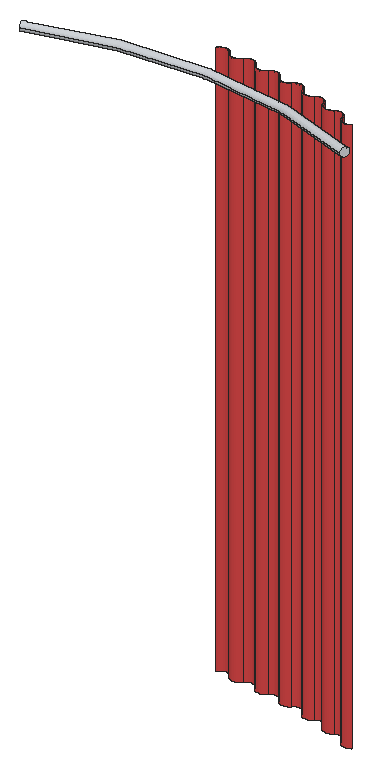
Revit family
Parameters (values of type "Curved_Shower_Rod")
  Width = 4' - 0"
  Subcategory = "ADA Fixtures"  # constant formula
  SmartBIM Object Version = 3  # constant formula
  SmartBIM Object Created By = "Reed Construction Data"  # constant formula
  Curtain Rod - Curved = none
  Curtain Material = Shower Curtain
  Assembly Code = "C1030200"
  95 CSI = "15410"  # constant formula
  04 CSI = "22 40 00"  # constant formula
Reference planes (in)
  plane 1: y = 3
  plane 2 "Center (Left/Right)": x = 0
  plane 3 "Wall Edge": y = 3
  plane 4: z = 0
  plane 5: z = 82
  plane 6: y = 35
  plane 7: x = 0
  plane 8: x = -24
  plane 9: x = 24
  plane 10: y = 40.375
Forms (in)
  Sweep 1, solid, material <- "Curtain Rod - Curved"
    path origin (0, 12.625, 0) x (1, 0, 0) y (0, 1, 0)
      loop
        arc (-24, 31.32333) -> (-0.00426, 35.98086) -> (24, 31.3674) r 64.44715
    profile origin (-0.00426, 48.60586, 0) x (-0.000918, 1, 0) y (0, 0, 1)
      loop
        circle (0, 82) r 0.625
  Extrusion 2, solid, material "Shower Curtain" <- "Curtain Material"
    sketch origin (-2.23724, 52.16111, 0) x (0.970497, -0.241114, 0) y (0.241114, 0.970497, 0)
      loop
        arc (23.0594, 0.10776) -> (22.02003, -0.42146) -> (21.04367, 0.21657) r 1.16374
        arc (21.04367, 0.21657) -> (20.0377, 0.85582) -> (18.997, 0.27484) r 1.16374
        arc (18.997, 0.27484) -> (17.98681, -0.29614) -> (16.98528, 0.28988) r 1.16374
        arc (16.98528, 0.28988) -> (15.91196, 0.87423) -> (14.90821, 0.17713) r 1.16374
        arc (14.90821, 0.17713) -> (13.96423, -0.50623) -> (12.9012, -0.02868) r 1.16374
        arc (12.9012, -0.02868) -> (11.85441, 0.45043) -> (10.9079, -0.20487) r 1.16374
        arc (10.9079, -0.20487) -> (9.98861, -0.92269) -> (8.90845, -0.48268) r 1.16374
        arc (8.90845, -0.48268) -> (7.79899, -0.04712) -> (6.88826, -0.81601) r 1.16374
        arc (6.88826, -0.81601) -> (6.00558, -1.56925) -> (4.91063, -1.18509) r 1.16374
        arc (4.91063, -1.18509) -> (3.72908, -0.82054) -> (2.88634, -1.72539) r 1.16374
        line (2.88634, -1.72539) -> (2.95419, -1.70593)
        arc (2.95419, -1.70593) -> (3.76064, -0.87692) -> (4.86329, -1.2259) r 1.10124
        arc (4.86329, -1.2259) -> (6.02315, -1.62953) -> (6.95124, -0.82528) r 1.22624
        arc (6.95124, -0.82528) -> (7.81497, -0.10784) -> (8.85904, -0.52095) r 1.10124
        arc (8.85904, -0.52095) -> (9.99618, -0.98474) -> (10.96509, -0.23015) r 1.22624
        arc (10.96509, -0.23015) -> (11.8609, 0.38826) -> (12.85048, -0.0652) r 1.10124
        arc (12.85048, -0.0652) -> (13.97074, -0.56839) -> (14.9654, 0.15192) r 1.22624
        arc (14.9654, 0.15192) -> (15.91522, 0.81182) -> (16.93102, 0.25886) r 1.10124
        arc (16.93102, 0.25886) -> (17.99255, -0.35867) -> (19.05705, 0.25372) r 1.22624
        arc (19.05705, 0.25372) -> (20.04181, 0.79316) -> (20.98787, 0.18843) r 1.10124
        arc (20.98787, 0.18843) -> (22.01562, -0.48381) -> (23.11071, 0.07203) r 1.22624
        arc (23.11071, 0.07203) -> (24.10806, 0.50815) -> (24.99293, -0.1258) r 1.10124
        arc (24.99293, -0.1258) -> (25.9966, -0.8335) -> (27.11042, -0.31621) r 1.22624
        line (27.11042, -0.31621) -> (27.03873, -0.30868)
        arc (27.03873, -0.30868) -> (25.98478, -0.76955) -> (25.04969, -0.09962) r 1.16374
        arc (25.04969, -0.09962) -> (24.11355, 0.57042) -> (23.0594, 0.10776) r 1.16374
    from 2 to 85
Lines and regions (in)
  symbolic lines
    curve 1: arc (-24, 44.60989, 0) -> (0, 49.21064, 0) -> (24, 44.60989, 0) r 64.89884
    curve 2: arc (-24, 43.27371, 0) -> (0, 47.95125, 0) -> (24, 43.27371, 0) r 63.90963
    curve 3: line (24, 44.60989, 0) -> (24, 43.27371, 0)
    curve 4: line (-24, 44.60989, 0) -> (-24, 43.27371, 0)
Text (in)
  text "Placement Side" at (0, 40.15149, 123.01588), in view "Right"
  text "Placement Side" at (-70.3804, 22.2553, 0), in view "Ref. Level"
  text "Placement Side" at (0, 81.62555, 140.59947), in view "Left"
Dimensions and locks (in)
  locked: plane 3 "Wall Edge" to host wall
  locked: Extrusion 2 sketch curve to Extrusion 2 sketch curve at 0.07209
  equal spacing: plane 8, plane 7, plane 9
  "Width": plane 8 to plane 9
Automatic sketch dimensions
  Sweep 1 sketch curve to plane 8 = 0' - 0"
  Sweep 1 sketch curve to plane 9 = 0' - 0"
  plane 2 "Center (Left/Right)" to Sweep 1 sketch curve = 0' - 0.05492"
  plane 1 to Sweep 1 sketch curve = 1' - 6.84126"
  Sweep 1 sketch curve to plane 10 = 0' - 3.57333"
  Sweep 1 sketch curve to profile plane = 0' - 0"
  profile plane to Sweep 1 sketch curve = 6' - 10"
  curve 1 to plane 8 = 0' - 0"
  curve 2 to plane 2 "Center (Left/Right)" = 0' - 0"
  curve 1 to plane 2 "Center (Left/Right)" = 0' - 0"
  curve 3 to plane 9 = 0' - 0"
  host wall to curve 2 = 1' - 0.95838"
  curve 2 to curve 1 = 0' - 0.27019"
  curve 2 to plane 10 = 0' - 2.89871"
  curve 2 to curve 1 = 0' - 1.33618"
  Extrusion 2 sketch curve to Extrusion 2 sketch curve = 0' - 0"  (x36)
  plane 2 "Center (Left/Right)" to Extrusion 2 sketch curve = 0' - 0.14793"
  Extrusion 2 sketch curve to plane 10 = 0' - 9.41569"
  Extrusion 2 sketch curve to Extrusion 2 sketch curve = 0' - 0.06785"
  Extrusion 2 sketch curve to Extrusion 2 sketch curve = 0' - 1.075"
  Extrusion 2 sketch curve to Extrusion 2 sketch curve = 0' - 0.83411"
  Extrusion 2 sketch curve to Extrusion 2 sketch curve = 0' - 0.04734"
  Extrusion 2 sketch curve to Extrusion 2 sketch curve = 0' - 0.88145"
  Extrusion 2 sketch curve to Extrusion 2 sketch curve = 0' - 1.09618"
  Extrusion 2 sketch curve to Extrusion 2 sketch curve = 0' - 0.06298"
  Extrusion 2 sketch curve to Extrusion 2 sketch curve = 0' - 1.0372"
  Extrusion 2 sketch curve to Extrusion 2 sketch curve = 0' - 0.8706"
  Extrusion 2 sketch curve to Extrusion 2 sketch curve = 0' - 0.04941"
  Extrusion 2 sketch curve to Extrusion 2 sketch curve = 0' - 0.92001"
  Extrusion 2 sketch curve to Extrusion 2 sketch curve = 0' - 1.07944"
  Extrusion 2 sketch curve to Extrusion 2 sketch curve = 0' - 0.05719"  (x2)
  Extrusion 2 sketch curve to Extrusion 2 sketch curve = 0' - 0.99178"
  Extrusion 2 sketch curve to Extrusion 2 sketch curve = 0' - 0.8936"
  Extrusion 2 sketch curve to Extrusion 2 sketch curve = 0' - 0.05072"
  Extrusion 2 sketch curve to Extrusion 2 sketch curve = 0' - 0.94432"
  Extrusion 2 sketch curve to Extrusion 2 sketch curve = 0' - 1.0627"
  Extrusion 2 sketch curve to Extrusion 2 sketch curve = 0' - 1.00964"
  Extrusion 2 sketch curve to Extrusion 2 sketch curve = 0' - 0.95598"
  Extrusion 2 sketch curve to Extrusion 2 sketch curve = 0' - 0.05426"
  Extrusion 2 sketch curve to Extrusion 2 sketch curve = 0' - 1.01024"
  Extrusion 2 sketch curve to Extrusion 2 sketch curve = 0' - 1.00148"
  Extrusion 2 sketch curve to Extrusion 2 sketch curve = 0' - 0.06006"
  Extrusion 2 sketch curve to Extrusion 2 sketch curve = 0' - 0.94753"
  Extrusion 2 sketch curve to Extrusion 2 sketch curve = 0' - 0.98328"
  Extrusion 2 sketch curve to Extrusion 2 sketch curve = 0' - 0.05581"
  Extrusion 2 sketch curve to Extrusion 2 sketch curve = 0' - 1.03908"
  Extrusion 2 sketch curve to Extrusion 2 sketch curve = 0' - 0.97664"
  Extrusion 2 sketch curve to Extrusion 2 sketch curve = 0' - 0.05132"
  Extrusion 2 sketch curve to Extrusion 2 sketch curve = 0' - 0.88223"
  Extrusion 2 sketch curve to Extrusion 2 sketch curve = 0' - 1"
  Extrusion 2 sketch curve to Extrusion 2 sketch curve = 0' - 0.05675"
  Extrusion 2 sketch curve to Extrusion 2 sketch curve = 0' - 1.05674"
  Extrusion 2 sketch curve to Extrusion 2 sketch curve = 0' - 0.9323"
  Extrusion 2 sketch curve to Extrusion 2 sketch curve = 0' - 0.07169"
  radius of Sweep 1 sketch curve = 0' - 0 5/8"
